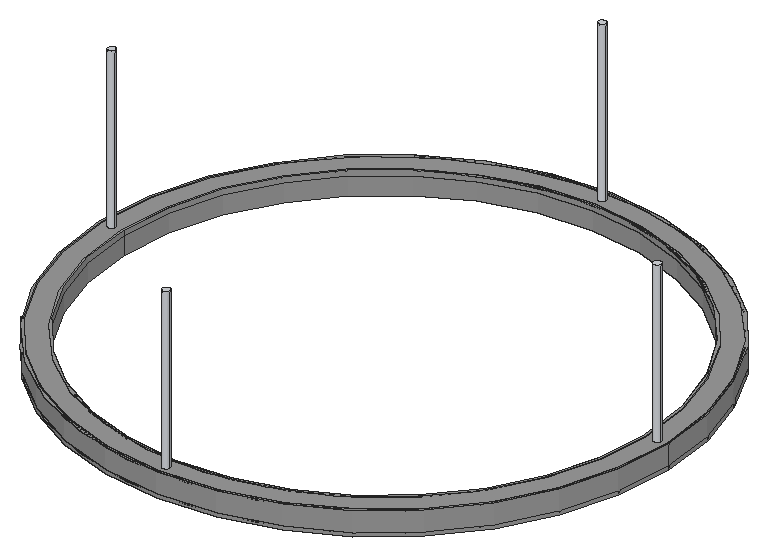
Revit family "MONALISA_800MM_41_4000K", category Lighting Fixtures, host Ceiling, Revit 2021
Family settings
  Host = Ceiling
  Round Connector Dimension = Use Diameter
  Part Type = Normal
  OmniClass Number = 23.80.70.11
  OmniClass Title = Luminaries for Internal Lighting
  Always vertical = Yes
  Cut with Voids When Loaded = No
  Light Source = Yes
  Shared = No
  Room Calculation Point = No
Parameters (values of type "Type 1")
  Wattage = 28.5441 W
  built-in parameter 1150110 = 1 (stored number, unit not read)
  Type de lampe = "LED Samsung 2835 SMD"
  Type = "Suspension"
  built-in parameter 1114217 = 1 (stored number, unit not read)
  Tilt Angle = 90.00°
  built-in parameter 1150109 = 1 (stored number, unit not read)
  built-in parameter 1150134 = 12
  built-in parameter 1150113 = 1 (stored number, unit not read)
  SDCM = "<3"
  Puissance nominale = "53W"
  Photometric Web File = "google_eulumdat_converter (3).ies"
  Lumens = 4240 lm
  built-in parameter 1150115 = 1 (stored number, unit not read)
  built-in parameter 1150105 = 1436.6 (stored number, unit not read)
  built-in parameter 1150137 = (empty or 0)
  built-in parameter 1150139 = (empty or 0)
  built-in parameter 1150112 = 1 (stored number, unit not read)
  built-in parameter 1150114 = 1 (stored number, unit not read)
  built-in parameter 1150132 = 2
  built-in parameter 1150102 = (empty or 0)
  built-in parameter 1150138 = (empty or 0)
  built-in parameter 1150107 = 4000 (stored number, unit not read)
  built-in parameter 1150106 = 14.366 (stored number, unit not read)
  IRC = ">80"
  Fintion = "Gris aluminium  - Diffuseur acrylique"
  Emit from Circle Diameter = 609.6 mm
  Emit Shape Visible in Rendering = no
  built-in parameter 1150104 = 13.8 (stored number, unit not read)
  Durée de vie = "50 000 heures"
  Driver = "Driver Osram"
  Dimming Lamp Color Temperature Shift = <None>
  Dimensions = "ø 800 mm, H : 32 mm"
  Default Elevation = 0 mm
  Color Filter = 16777215
  built-in parameter 1114218 = 1 (stored number, unit not read)
  built-in parameter 1150133 = 10 (stored number, unit not read)
  Angle d'éclairage = "120°"
  Alimentation luminaire = "800mA x 2pcs / 30V"
  Alimentation Driver = "AC 220-240V"
Reference planes
  plane 1 "Light Source Axis (F/B)": y = 0
  plane 2: z = 0
  plane 3 "Light Source Axis (L/R)": x = 0
  plane 4 "Ceiling": z = 4000
  plane 5 "Light Source Elevation": z = 3762.902
Forms (mm)
  Extrusion 1, solid, material "Aluminum, Anodized grey"
    sketch origin (0, 0, 4000) x (0, 1, 0) y (-1, 0, 0)
      loop
        circle (0, 0) r 392.236
      loop
        circle (0, 0) r 359.549
      loop
        circle (0, 0) r 361.939
      loop
        circle (0, 0) r 389.368
    from -250 to -218
  Extrusion 2, solid, material "Aluminum, Anodized grey"
    sketch origin (0, 0, 4000) x (0, 1, 0) y (-1, 0, 0)
      loop
        circle (0, 0) r 389.368
      loop
        circle (0, 0) r 359.293
    from -225.222 to -218
  Extrusion 3, solid, material "Glass, White, High Luminance"
    sketch origin (0, 0, 3982.456) x (0, 1, 0) y (-1, 0, 0)
      loop
        circle (0, 0) r 392.236
      loop
        circle (0, 0) r 361.939
    from -232.456 to -227.456
  Extrusion 4, solid
    sketch origin (0, 88.069, 4000) x (0, 1, 0) y (-1, 0, 0)
      loop
        circle (287.711, 0) r 5
    from -218 to 0
  Extrusion 5, solid
    sketch origin (-287.425, -286.139, 4000) x (0, 1, 0) y (-1, 0, 0)
      loop
        circle (286.246, 88.576) r 5
    from -218 to 0
  Extrusion 6, solid
    sketch origin (0, -663.65, 4000) x (0, 1, 0) y (-1, 0, 0)
      loop
        circle (287.711, 0) r 5
    from -218 to 0
  Extrusion 7, solid
    sketch origin (288.349, -287.705, 4000) x (0, 1, 0) y (-1, 0, 0)
      loop
        circle (287.394, -88.272) r 5
    from -218 to 0
Lines and regions (mm)
  reference lines
    curve 1: line (0, 0, 4000) -> (300, 0, 4000)
    curve 2: line (300, 0, 4000) -> (275, 0, 4000)
    curve 3: line (0, 0, 3750) -> (0, 0, 3782)
    curve 4: line (0, 0, 4000) -> (400, 0, 4000)
Dimensions and locks
  equal spacing: host sketch curve, plane 3 "Light Source Axis (L/R)", host sketch curve
  equal spacing: host sketch curve, plane 1 "Light Source Axis (F/B)", host sketch curve
  host sketch curve to host sketch curve = 4000 mm  (x2)
  plane 4 "Ceiling" to host ceiling = 0 mm
  aligned and locked: plane 1 "Light Source Axis (F/B)" to imposter light
  aligned and locked: plane 5 "Light Source Elevation" to imposter light
